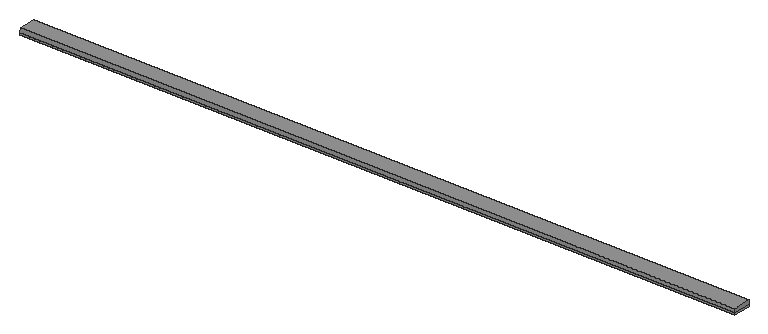
Revit family "0068127", category Lighting Fixtures, host Face, Revit 2017
Family settings
  Host = Face
  Round Connector Dimension = Use Diameter
  Part Type = Normal
  OmniClass Number = 23.80.70.00
  OmniClass Title = Lighting
  Cut with Voids When Loaded = No
  Light Source = Yes
  Shared = No
  Room Calculation Point = No
Parameters (values of type "0068127 START FLEX IP65 830 2650LM - 500 mm")
  Width_SYL = if(IP20HO_SYL, 10 mm, if(IP65_SYL, 12 mm, if(IP65HO_SYL, 10 mm, if(IP67_SYL, 10 mm, if(IP20RGB_SYL, 8 mm, if(IP20RGBW_SYL, 12 mm, if(IP67RGB_SYL, 12 mm, if(IP67RGBW_SYL, 14 mm, 8 mm))))))))  # 12 mm
  Weight = "2.0 kg"
  Wattage Comments = ""
  Wattage = 24 W
  WarrantyStartDate [instance] = "n/a"
  WarrantyGuarantorParts = "n/a"
  WarrantyDurationUnit = "n/a"
  WarrantyDurationParts = "n/a"
  WarrantyDescription = "n/a"
  built-in parameter 1150110 = 1 (stored number, unit not read)
  Voltage = 24 V
  URL = "http://www.sylvania-lighting.com"
  TypeName = "START Flex IP65 830 2650lm - 500 mm"
  Type Image = <None>
  Type Comments = "n/a"
  built-in parameter 1114217 = 1 (stored number, unit not read)
  Tilt Angle = -90.00°
  built-in parameter 1150109 = 1 (stored number, unit not read)
  built-in parameter 1150134 = (empty or 0)
  built-in parameter 1150113 = 1 (stored number, unit not read)
  StartCapWidth_SYL = if(IP20HO_SYL, 2 mm, if(IP65_SYL, 14 mm, if(IP65HO_SYL, 12 mm, if(IP67_SYL, 17.5 mm, if(IP20RGB_SYL, 2 mm, if(IP20RGBW_SYL, 2 mm, if(IP67RGB_SYL, 14 mm, if(IP67RGBW_SYL, 16 mm, 2 mm))))))))  # 14 mm
  StartCapVisible_SYL [instance] = no
  StartCapLength_SYL = if(IP20HO_SYL, 2 mm, if(IP65_SYL, 10 mm, if(IP65HO_SYL, 15 mm, if(IP67_SYL, 35 mm, if(IP20RGB_SYL, 2 mm, if(IP20RGBW_SYL, 2 mm, if(IP67RGB_SYL, 12 mm, if(IP67RGBW_SYL, 12 mm, 2 mm))))))))  # 10 mm
  StartCapHeight_SYL = if(IP20HO_SYL, 2 mm, if(IP65_SYL, 6 mm, if(IP65HO_SYL, 6 mm, if(IP67_SYL, 9.5 mm, if(IP20RGB_SYL, 2 mm, if(IP20RGBW_SYL, 2 mm, if(IP67RGB_SYL, 7 mm, if(IP67RGBW_SYL, 7 mm, 2 mm))))))))  # 6 mm
  SerialNumber [instance] = "n/a"
  SealingVisibility_SYL = yes
  IP67_SYL = no
  IP67RGB_SYL = no
  IP67RGBW_SYL = no
  IP65_SYL = yes
  IP65HO_SYL = no
  IP20RGB_SYL = no
  IP20RGBW_SYL = no
  IP20HO_SYL = no
  HeightWithSealing_SYL = if(IP20HO_SYL, 2 mm, if(IP65_SYL, 4 mm, if(IP65HO_SYL, 4 mm, if(IP67_SYL, 6 mm, if(IP20RGB_SYL, 2 mm, if(IP20RGBW_SYL, 2 mm, if(IP67RGB_SYL, 5 mm, if(IP67RGBW_SYL, 5 mm, 2 mm))))))))  # 4 mm
  Photometric Web File = "0068127.ies"
  Material_3_SYL = ABS Plastic
  PowerFactor = 0
  PowerConsumption = "24 W"
  NominalLength = 5000 mm
  NominalHeight = 4 mm
  NominalDepth = 10 mm
  Name = "START Flex IP65 830 2650lm - 500 mm"
  ModelReference = Name  # "START Flex IP65 830 2650lm - 500 mm"
  ModelNumber = "0068127"
  Model = Name  # "START Flex IP65 830 2650lm - 500 mm"
  Material = "other housing, silicone diffuser"
  ManufacturerName = "Feilo Sylvania"
  Manufacturer = "Feilo Sylvania"
  LuminousEfficacy = "110 lm/W"
  built-in parameter 1150105 = 904.99 (stored number, unit not read)
  Lumens = 2640 lm
  LuminaireType = ""
  built-in parameter 1150115 = 1 (stored number, unit not read)
  LightOutputRatio = "n/a"
  built-in parameter 1150137 = (empty or 0)
  built-in parameter 1150139 = (empty or 0)
  Length_SYL = 500 mm
  LampsType = Lamp  # "LED"
  LampNominalLuminous = "2650 lm"
  LampMacAdamStep = "3"
  LampColourTemperature = "3000 K"
  LampColourRenderingIndex = "80"
  built-in parameter 1150112 = 1 (stored number, unit not read)
  built-in parameter 1150114 = 1 (stored number, unit not read)
  Lamp = "LED"
  Keynote = "16500"
  InstallationDate [instance] = "n/a"
  InputVoltage = "24V DC"
  InputNominalFrequency = "n/a"
  built-in parameter 1150132 = (empty or 0)
  built-in parameter 1150102 = (empty or 0)
  built-in parameter 1150107 = 3000 (stored number, unit not read)
  built-in parameter 1150138 = (empty or 0)
  IngressProtection = "IP65"
  ImpactProtectionIndex = "IK00"
  built-in parameter 1150106 = 9.0499 (stored number, unit not read)
  IfcExportType = "IfcLightFixtureType"
  IfcExportAs = "IfcLightFixtureType"
  EndCapWidth_SYL = if(IP20HO_SYL, 2 mm, if(IP65_SYL, 14 mm, if(IP65HO_SYL, 12 mm, if(IP67_SYL, 17.5 mm, if(IP20RGB_SYL, 2 mm, if(IP20RGBW_SYL, 2 mm, if(IP67RGB_SYL, 14 mm, if(IP67RGBW_SYL, 16 mm, 2 mm))))))))  # 14 mm
  EndCapVisible_SYL [instance] = no
  EndCapLength_SYL = if(IP20HO_SYL, 2 mm, if(IP65_SYL, 10 mm, if(IP65HO_SYL, 10 mm, if(IP67_SYL, 15 mm, if(IP20RGB_SYL, 2 mm, if(IP20RGBW_SYL, 2 mm, if(IP67RGB_SYL, 10 mm, if(IP67RGBW_SYL, 10 mm, 2 mm))))))))  # 10 mm
  EndCapHeight_SYL = if(IP20HO_SYL, 2 mm, if(IP65_SYL, 6 mm, if(IP65HO_SYL, 6 mm, if(IP67_SYL, 9.5 mm, if(IP20RGB_SYL, 2 mm, if(IP20RGBW_SYL, 2 mm, if(IP67RGB_SYL, 7 mm, if(IP67RGBW_SYL, 7 mm, 2 mm))))))))  # 6 mm
  EmitSurfaceOffset_SYL = 1 mm  # constant formula
  EmitSurfaceHeight_SYL = if(IP20HO_SYL, 1.2 mm, if(IP65_SYL, 4 mm, if(IP65HO_SYL, 4 mm, if(IP67_SYL, 6 mm, if(IP20RGB_SYL, 1.2 mm, if(IP20RGBW_SYL, 1.2 mm, if(IP67RGB_SYL, 5 mm, if(IP67RGBW_SYL, 5 mm, 1.2 mm))))))))  # 4 mm
  built-in parameter 1150127 = if(IP20HO_SYL, 3.5 mm, if(IP65_SYL, 12 mm, if(IP65HO_SYL, 10 mm, if(IP67_SYL, 10 mm, if(IP20RGB_SYL, 5 mm, if(IP20RGBW_SYL, 5 mm, if(IP67RGB_SYL, 12 mm, if(IP67RGBW_SYL, 14 mm, 3.5 mm))))))))  # 12 mm
  Emit from Rectangle Length = Length_SYL - 2 * EmitSurfaceOffset_SYL  # 498 mm
  Emit Shape Visible in Rendering = no
  ElectricShockClassification = "Class III"
  built-in parameter 1150104 = 10.219 (stored number, unit not read)
  DocumentationLiterature = "http://www.sylvania-lighting.com/product/en-int/products/0068127"
  DimmingControlOptions = "n/a"
  Material_2_SYL = LED
  Dimming Lamp Color Temperature Shift = <None>
  Description = "5 metre IP65 LED reel with pre-attached 3M adhesive type;  equipped with 300 LEDs; 2650lm per 5m (530lm per 1m); 24V; 3000K; CRI80; SDCM <3; 50000 hrs (L70)"
  Default Elevation = 1219.2 mm
  CreatedOn = "9/11/2019"
  CreatedBy = "@sylvania-lighting.com"
  Cost = 0
  Color Filter = 16777215
  built-in parameter 1114216 [instance] = (empty or 0)
  ClassificationValue = "EF_70_80"
  ClassificationName = "Uniclass2015"
  Material_1_SYL = Aluminum
  BarCode [instance] = "n/a"
  Emit from Rectangle Width = 304.8 mm
  built-in parameter 1150133 = 10 (stored number, unit not read)
  AssetType = "Fixed"
  AssetIdentifier [instance] = "n/a"
  Assembly Code = "D5020200"
  Apparent Load = 24 VA
  Material_4_SYL = Polycarbonate, Clear
Types (4, lengths in mm): name | TypeName | StartCapVisible_SYL | Name | ModelReference | Model | Length_SYL | EndCapVisible_SYL | Emit from Rectangle Length
  0068127 START FLEX IP65 830 2650LM - 500 mm | "START Flex IP65 830 2650lm - 500 mm" | no | "START Flex IP65 830 2650lm - 500 mm" | "START Flex IP65 830 2650lm - 500 mm" | "START Flex IP65 830 2650lm - 500 mm" | 500 | no | 498
  0068127 START FLEX IP65 830 2650LM - 100 mm | "START Flex IP65 830 2650lm - 100 mm" | no | "START Flex IP65 830 2650lm - 100 mm" | "START Flex IP65 830 2650lm - 100 mm" | "START Flex IP65 830 2650lm - 100 mm" | 100 | no | 98
  0068127 START FLEX IP65 830 2650LM - 50 mm | "START Flex IP65 830 2650lm - 50 mm" | yes | "START Flex IP65 830 2650lm - 50 mm" | "START Flex IP65 830 2650lm - 50 mm" | "START Flex IP65 830 2650lm - 50 mm" | 50 | yes | 48
  0068127 START FLEX IP65 830 2650LM - 10 mm | "START Flex IP65 830 2650lm - 10 mm" | yes | "START Flex IP65 830 2650lm - 10 mm" | "START Flex IP65 830 2650lm - 10 mm" | "START Flex IP65 830 2650lm - 10 mm" | 10 | yes | 8
Reference planes
  plane 1 "Center (Front/Back)": y = 0
  plane 2: z = 0
  plane 3 "Center (Left/Right)": x = 0
  plane 4: y = 6
  plane 5: y = -6
  plane 6: z = 1.2
  plane 7: x = 500
  plane 8: x = 250
  plane 9: x = 1
  plane 10: x = 499
  plane 11: y = 1.8
  plane 12: y = -1.8
  plane 13: y = 7
  plane 14: y = -7
  plane 15: x = -10
  plane 16: x = 510
  plane 17: y = 7
  plane 18: y = -7
  plane 19: z = 4
  plane 20: z = 4
  plane 21: z = 2
  plane 22: z = -1
  plane 23: z = 5
  plane 24: z = 5
  plane 25: z = -1
Forms (mm)
  Extrusion 1, solid, material "Aluminum" <- "Material_1_SYL"
    sketch origin (0, 0, 0) x (0, 1, 0) y (0, 0, 1)
      loop
        line (-6, 1.2) -> (-6, 0) -> (6, 0) -> (6, 1.2) -> (-6, 1.2)
    from 0 to 500
  Extrusion 2, solid, material "Polycarbonate, Clear" <- "Material_4_SYL", visible <- "SealingVisibility_SYL"
    sketch origin (0, 0, 0) x (0, 1, 0) y (0, 0, 1)
      loop
        line (-6, 1.2) -> (6, 1.2) -> (6, 4) -> (-6, 4) -> (-6, 1.2)
    from 0 to 500
  Extrusion 3, solid, visible <- "StartCapVisible_SYL"
    sketch origin (0, 0, 0) x (0, 1, 0) y (0, 0, 1)
      loop
        line (-7, -1) -> (7, -1) -> (7, 5) -> (-7, 5) -> (-7, -1)
    from 0 to -10
  Extrusion 4, solid, visible <- "EndCapVisible_SYL"
    sketch origin (500, 1524, 1219.2) x (0, 1, 0) y (0, 0, 1)
      loop
        line (-1517, -1220.2) -> (-1517, -1214.2) -> (-1531, -1214.2) -> (-1531, -1220.2) -> (-1517, -1220.2)
    from 0 to 10
Lines and regions (mm)
  Split face 1
    outline origin (0, -6, 1.2) x (0, 1, 0) y (-1, 0, 0)
      loop
        line (7.8, -1) -> (4.2, -1) -> (4.2, -499) -> (7.8, -499) -> (7.8, -1)
  reference lines
    curve 1: line (1, 1.8, 0) -> (499, 1.8, 0)
    curve 2: line (1, -1.8, 0) -> (1, 1.8, 0)
    curve 3: line (499, -1.8, 0) -> (1, -1.8, 0)
    curve 4: line (499, 1.8, 0) -> (499, -1.8, 0)
Dimensions and locks
  equal spacing: plane 5, plane 1 "Center (Front/Back)", plane 4
  "Width_SYL": plane 5 to plane 4
  "Length_SYL": plane 3 "Center (Left/Right)" to plane 7
  "EmitSurfaceOffset_SYL": plane 3 "Center (Left/Right)" to plane 9
  equal spacing: plane 9, plane 8, plane 10
  "EmitSurfaceOffset_SYL": plane 10 to plane 7
  equal spacing: plane 12, plane 1 "Center (Front/Back)", plane 11
  locked: plane 12 to plane 11 at 3.6
  equal spacing: plane 14, plane 1 "Center (Front/Back)", plane 13
  "StartCapWidth_SYL": plane 14 to plane 13
  "StartCapLength_SYL": plane 15 to plane 3 "Center (Left/Right)"
  equal spacing: plane 18, plane 1 "Center (Front/Back)", plane 17
  "EndCapWidth_SYL": plane 18 to plane 17
  "EndCapLength_SYL": plane 7 to plane 16
  "EmitSurfaceHeight_SYL": plane 19 to plane 2
  "HeightWithSealing_SYL": host face to plane 20
  equal spacing: plane 2, plane 21, plane 19
  equal spacing: plane 22, plane 21, plane 23
  "EndCapHeight_SYL": plane 22 to plane 23
  equal spacing: plane 25, plane 21, plane 24
  "StartCapHeight_SYL": plane 25 to plane 24
  aligned and locked: plane 2 to host face
  aligned and locked: level to host face
  aligned and locked: plane 6 to Extrusion 1 sketch curve
  aligned and locked: Extrusion 1 sketch curve to plane 5
  aligned and locked: level to Extrusion 1 sketch curve
  aligned and locked: plane 4 to Extrusion 1 sketch curve
  aligned and locked: plane 7 to Extrusion 1
  aligned and locked: imposter light to plane 1 "Center (Front/Back)"
  aligned and locked: plane 8 to imposter light
  aligned and locked: plane 11 to curve 1
  aligned and locked: plane 9 to curve 2
  aligned and locked: curve 3 to plane 12
  aligned and locked: curve 4 to plane 10
  aligned and locked: Split face 1 sketch curve to curve 1
  aligned and locked: Split face 1 sketch curve to curve 4
  aligned and locked: Split face 1 sketch curve to curve 3
  aligned and locked: Split face 1 sketch curve to curve 2
  aligned and locked: imposter light to plane 19
  aligned and locked: Extrusion 2 sketch curve to Extrusion 1  (x2)
  aligned and locked: Extrusion 2 sketch curve to plane 20
  aligned and locked: Extrusion 2 sketch curve to plane 4
  aligned and locked: Extrusion 2 to plane 3 "Center (Left/Right)"
  aligned and locked: plane 7 to Extrusion 2
  aligned and locked: plane 22 to Extrusion 3 sketch curve
  aligned and locked: plane 14 to Extrusion 3 sketch curve
  aligned and locked: Extrusion 3 sketch curve to plane 23
  aligned and locked: Extrusion 3 sketch curve to plane 13
  aligned and locked: Extrusion 3 to plane 15
  aligned and locked: plane 3 "Center (Left/Right)" to Extrusion 3
  aligned and locked: plane 13 to Extrusion 4 sketch curve
  aligned and locked: plane 23 to Extrusion 4 sketch curve
  aligned and locked: Extrusion 4 sketch curve to plane 18
  aligned and locked: Extrusion 4 sketch curve to plane 25
  aligned and locked: plane 16 to Extrusion 4
  aligned and locked: Extrusion 4 to plane 7
Automatic sketch dimensions
  host sketch curve to host sketch curve = 600 mm
  host sketch curve to host sketch curve = 100 mm
Connectors
  electrical at (0, 0, 0.6), driven by "Voltage", driven by "Apparent Load", driven by "PowerFactor"
    settings: on Extrusion 1, index 1, voltage 24 V, apparent load 24 VA, apparent load phase1 0 VA, apparent load phase2 0 VA, apparent load phase3 0 VA, power factor 0, load classification "Other", number of poles 1, system type 30, power factor state 1, is connector primary yes, connector utility no, sub classification motor no, connector description ""
